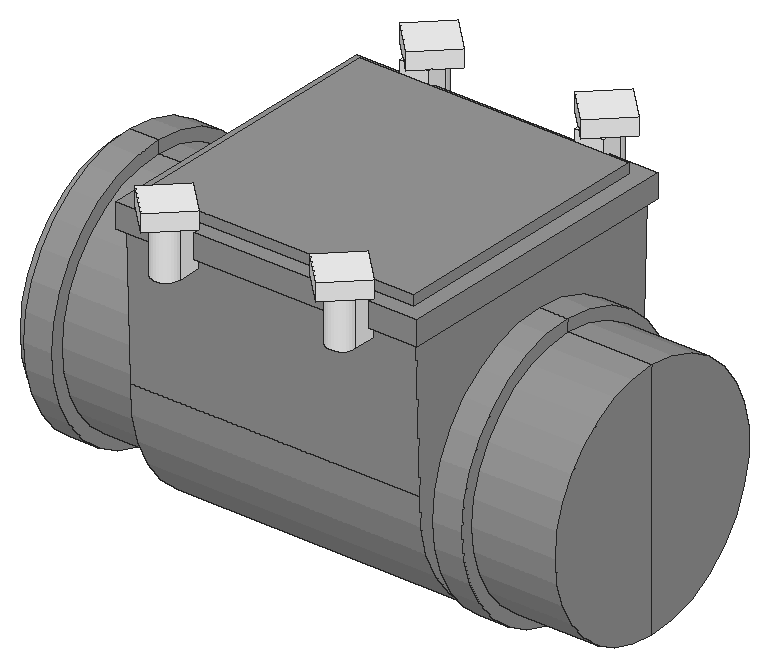
Revit family "HL_RU_Anti-flooding valve_HL715-A-171212", category Příslušenství trubek, Revit 2021
Family settings
  Kóta kulaté spojky = Použít průměr
  Typ dílu = Připojí se k
  Číslo OmniClass = 23.65.55.14.21
  Nadpis OmniClass = Non-Return Valves for Liquid Services
  Založené na pracovní rovině = Ne
  Vždy vertikální = Ano
  Ořezat dutým tvarem při načtení = Ne
  Sdílené = Ne
Parameters
  РАЗМЕР = "DN160"
  ПРОПУСКНАЯ СПОСОБНОСТЬ [instance] = 0.0 m³/h
  ПРАВОВАЯ ИНФОРМАЦИЯ = "\"Copyright (©), design rights or any other intellectual property rights, shall be the exclusive property of HL Hutterer & Lechner GmbH. Modification is not allowed. Family has been watermarked.\""
  ПАДЕНИЕ ДАВЛЕНИЯ [instance] = 0.0 Pa
  НОМИНАЛЬНЫЙ ДИАМЕТР 2 = 160 mm
  НОМИНАЛЬНЫЙ ДИАМЕТР = 160 mm
  МАТЕРИАЛ = "ABS"
  ВЫСОТА МОНТАЖА = "244 mm"
  ВЕС = "2,694 kg"
  Výrobce = "HL Hutterer & Lechner GmbH"
  Výchozí výška = 0 mm
  URL = "http://www.hutterer-lechner.com/en/products/catalog/roof-drains/HL715.aspx"
  Description = "Anti flood valves"
  Model = "HL715"
  Type Comments = "anti-flood valve DN160 with stainless steel flap"
  Keynote = "HL715"
  EAN = "9003076907151"
  Cena = 0
Types (2, lengths in mm): name | ПРАВОВАЯ ИНФОРМАЦИЯ | URL | Description | Type Comments
  (no name) | "\"Copyright (©), design rights or any other intellectual property rights, shall be the exclusive property of HL Hutterer & Lechner GmbH. Modification is not allowed. Family has been watermarked.\"" | "http://www.hutterer-lechner.com/en/products/catalog/roof-drains/HL715.aspx" | "Anti flood valves" | "anti-flood valve DN160 with stainless steel flap"
  HL_Механический канализационный затвор_HL715 | "\"Авторские права(©), права на дизайн или какие либо другие права интелектуальной собственности являются исключительной собственностью компании HL Hutterer & Lechner. Изменению не подлежит. Файл семейства с данными о прозводителе изделия защищен паролем с водяным знаком.\"" | "http://www.hutterer-lechner.com/ru/products/catalog/roof-drains/HL715.aspx" | "Механический канализационный затвор" | "Механический магистральный канализационный затвор DN160 с заслонкой из нержавеющей стали"
Reference planes
  plane 1 "Střed (vpředu/vzadu)": y = 0
  plane 2: z = 0
  plane 3 "Střed (vlevo/vpravo)": x = 0
Forms (mm)
  Sweep 1, solid, material "Plastic - Orange", detail levels fine
    path origin (106.471, 0, 126.9) x (1, 0, 0) y (0, 0, 1)
      loop
        line (101.5, -24) -> (-101.443, -24)
    profile origin (106.5, 0, 102.9) x (0, 0, -1) y (0, -1, 0)
      loop
        line (-0.5, 0) -> (-0.5, -101.455) -> (99.02, -97.98)
        arc (99.02, -97.98) -> (171.687, -71.286) -> (201.874, 0) r 97.308
        arc (201.874, 0) -> (171.687, 71.286) -> (99.02, 97.98) r 97.308
        line (99.02, 97.98) -> (-0.5, 101.455) -> (-0.5, 0)
  Extrusion 2, solid, material "Plastic - Orange", detail levels fine
    sketch origin (207.971, 0, 103.4) x (-1, 0, 0) y (0, -1, 0)
      loop
        line (-4.2, 105.7) -> (-4.2, -105.7) -> (207.2, -105.7) -> (207.2, 105.7) -> (-4.2, 105.7)
    from 0 to 16.5
  Extrusion 3, solid, material "Plastic - Orange", detail levels fine
    sketch origin (207.971, 0, 119.9) x (-1, 0, 0) y (0, -1, 0)
      loop
        line (196, -94.5) -> (196, 94.5) -> (7, 94.5) -> (7, -94.5) -> (196, -94.5)
    from 0 to 7
  Extrusion 4, solid, material "Plactic - White", detail levels fine
    sketch origin (106.471, 0, 126.9) x (1, 0, 0) y (0, 1, 0)
      loop
        line (71.5, -101.158) -> (51.5, -101.158) -> (51.5, -116.5)
        arc (51.5, -116.5) -> (61.5, -126.5) -> (71.5, -116.5) r 10
        line (71.5, -116.5) -> (71.5, -101.158)
    from -32 to 3.735
  Extrusion 5, solid, material "Plactic - White", detail levels fine
    sketch origin (106.471, 0, 130.635) x (1, 0, 0) y (0, 1, 0)
      loop
        line (84.127, -116.5) -> (61.5, -93.873) -> (38.873, -116.5) -> (61.5, -139.127) -> (84.127, -116.5)
    from 0 to 12
  Extrusion 6, solid, material "Plactic - White", detail levels fine
    sketch origin (-16.529, 0, 126.9) x (1, 0, 0) y (0, 1, 0)
      loop
        line (71.5, -101.158) -> (51.5, -101.158) -> (51.5, -116.5)
        arc (51.5, -116.5) -> (61.5, -126.5) -> (71.5, -116.5) r 10
        line (71.5, -116.5) -> (71.5, -101.158)
    from -32 to 3.735
  Extrusion 7, solid, material "Plactic - White", detail levels fine
    sketch origin (-16.529, 0, 130.635) x (1, 0, 0) y (0, 1, 0)
      loop
        line (84.127, -116.5) -> (61.5, -93.873) -> (38.873, -116.5) -> (61.5, -139.127) -> (84.127, -116.5)
    from 0 to 12
  Extrusion 8, solid, material "Plactic - White", detail levels fine
    sketch origin (106.471, 0, 126.9) x (1, 0, 0) y (0, 1, 0)
      loop
        line (71.5, 101.158) -> (71.5, 116.5)
        arc (71.5, 116.5) -> (61.5, 126.5) -> (51.5, 116.5) r 10
        line (51.5, 116.5) -> (51.5, 101.158) -> (71.5, 101.158)
    from -32 to 3.735
  Extrusion 9, solid, material "Plactic - White", detail levels fine
    sketch origin (106.471, 0, 130.635) x (1, 0, 0) y (0, 1, 0)
      loop
        line (84.127, 116.5) -> (61.5, 139.127) -> (38.873, 116.5) -> (61.5, 93.873) -> (84.127, 116.5)
    from 0 to 12
  Extrusion 10, solid, material "Plactic - White", detail levels fine
    sketch origin (-16.529, 0, 126.9) x (1, 0, 0) y (0, 1, 0)
      loop
        line (71.5, 101.158) -> (71.5, 116.5)
        arc (71.5, 116.5) -> (61.5, 126.5) -> (51.5, 116.5) r 10
        line (51.5, 116.5) -> (51.5, 101.158) -> (71.5, 101.158)
    from -32 to 3.735
  Extrusion 11, solid, material "Plactic - White", detail levels fine
    sketch origin (-16.529, 0, 130.635) x (1, 0, 0) y (0, 1, 0)
      loop
        line (84.127, 116.5) -> (61.5, 139.127) -> (38.873, 116.5) -> (61.5, 93.873) -> (84.127, 116.5)
    from 0 to 12
  Sweep 12, solid, material "Plastic - Orange", not visible, detail levels fine
    path origin (106.471, 0, 126.9) x (1, 0, 0) y (0, 0, 1)
      loop
        line (186.5, -58.4) -> (101.5, -58.4)
    profile origin (250.471, 0, 68.5) x (0, 0, -1) y (0, -1, 0)
      loop
        circle (80, 0) r 80
  Revolve 13, solid, material "Plastic - Orange", detail levels fine
    sketch origin (106.471, 0, 126.9) x (1, 0, 0) y (0, 0, 1)
      loop
        line (-189.5, -126.9) -> (-101.443, -126.9) -> (-101.443, -41.9) -> (-160.5, -41.9) -> (-160.5, -33.366) -> (-180.5, -33.366) -> (-180.5, -41.9) -> (-189.5, -41.9) -> (-189.5, -126.9)
      axis (-101.443, -126.9) -> (-189.5, -126.9)
    angle from 0 to 360
  Revolve 14, solid, material "Plastic - Orange", detail levels fine
    sketch origin (394.414, 0, 115.4) x (1, 0, 0) y (0, 0, 1)
      loop
        line (-186.443, -126.9) -> (-101.443, -126.9) -> (-101.443, -41.9) -> (-160.5, -41.9) -> (-160.5, -33.366) -> (-180.5, -33.366) -> (-180.5, -41.9) -> (-186.443, -41.9) -> (-186.443, -126.9)
      axis (-101.443, -126.9) -> (-186.443, -126.9)
    angle from 0 to 360
Lines and regions (mm)
  symbolic lines, style "Symbol", detail levels coarse+medium
    curve 1: line (292.971, 0, 0) -> (0, 0, 0)
    curve 2: line (271.486, -60, 0) -> (271.486, 60, 0)
    curve 3: line (271.486, 60, 0) -> (21.486, 60, 0)
    curve 4: line (21.486, -60, 0) -> (21.486, 60, 0)
    curve 9: line (146.486, -105, 0) -> (146.486, 105, 0)
    curve 10: line (271.486, -60, 0) -> (21.486, -60, 0)
  model lines, style "Symbol", detail levels coarse+medium
    curve 5: line (0, 0, 0) -> (292.971, 0, -11.5)
    curve 6: line (271.486, 0, -65.75) -> (271.486, 0, 54.25)
    curve 7: line (271.486, 0, 54.25) -> (21.486, 0, 54.25)
    curve 8: line (21.486, 0, -65.75) -> (21.486, 0, 54.25)
    curve 13: line (271.486, 0, -65.75) -> (21.486, 0, -65.75)
  model lines, detail levels coarse+medium
    curve 11: line (146.486, 0, -5.75) -> (146.486, 0, 99.25)
    curve 12: line (146.486, 0, -110.75) -> (146.486, 0, -5.75)
Dimensions and locks
  aligned and locked: level to plane 2
Connectors
  piping at (0, 0, 0), diameter 160, driven by "ПАДЕНИЕ ДАВЛЕНИЯ", driven by "НОМИНАЛЬНЫЙ ДИАМЕТР", driven by "ПРОПУСКНАЯ СПОСОБНОСТЬ"
    settings: on plane 3 "Střed (vlevo/vpravo)", index 1, connector inside diameter 609.6 mm, connector length 0 mm, flow factor 0, pipe flow 0.0 m³/h, pressure drop 0.0 Pa, fitting loss kfactor 0, connector angle 0.00°, fixture units 0, engagement length 0 mm, angle of deflection 0.00°, flow configuration 0, flow direction 0, fitting loss method 4, system type 16, joint type 0, gender type 0, connector reference index -1, connector utility 0, adjustable connector no, is connector primary yes, connector description ""
  piping at (292.971, 0, -11.5), diameter 160, driven by "НОМИНАЛЬНЫЙ ДИАМЕТР 2", driven by "ПРОПУСКНАЯ СПОСОБНОСТЬ"
    settings: on Sweep 12, index 2, connector inside diameter 609.6 mm, connector length 0 mm, flow factor 0, pipe flow 0.0 m³/h, pressure drop 0.0 Pa, fitting loss kfactor 0, connector angle 0.00°, fixture units 0, engagement length 0 mm, angle of deflection 0.00°, flow configuration 1, flow direction 2, fitting loss method 4, system type 16, joint type 0, gender type 0, connector reference index -1, connector utility 0, adjustable connector no, is connector primary no, connector description ""
